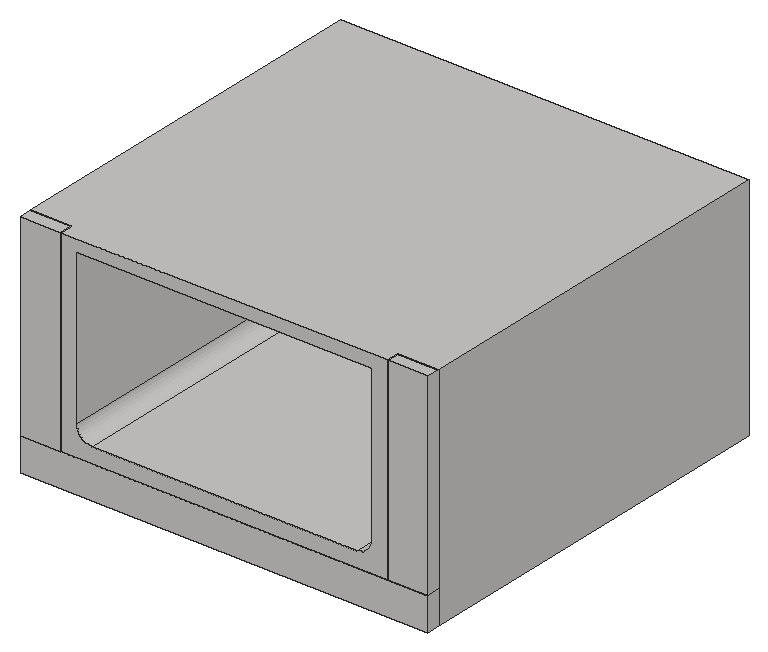
Revit family "QF_ELECTROLUXPROFESSIONAL_588579_MB1BCAHOOO", category Attrezzature speciali, Revit 2020
Family settings
  Quota connettore circolare = Usa diametro
  Tipo di parte = Normale
  Basato su piano di lavoro = No
  Sempre verticale = Sì
  Taglio con vuoti quando caricato = No
  Condiviso = No
  Punto di calcolo locali = No
Parameters (values of type "Standard")
  Weight = 21.00 kg
  Watts = 0 W
  Volts = 0 V
  URL Manufacturer = "https://www.electroluxprofessional.com/"
  URL = "https://www.electroluxprofessional.com/"
  Steam Supply Size = 0"
  Steam Supply Minimum Pressure = 0.00 psi
  Steam Supply Maximum Pressure = 0.00 psi
  Steam Consumption per Hour = 0
  Refrigeration Suction Line Size = 0 mm
  Refrigeration Liquid Line Size = 0 mm
  Refrigerant Compressor Remote = yes
  Prospetto di default = 0 mm
  Phase = 0
  Modello = "MB1BCAHOOO"
  Produttore = "Electrolux Professional"
  Length Actual = 800 mm  # constant formula
  Item Number = "588579"
  Hot Water Size = 0"
  Height Actual = 450 mm  # constant formula
  HP = "0 HP"
  Gas Size = 0"
  Gas KW = 0
  Gas Input Pressure = 0.0 Btu/h
  Direct Waste Size = 0"
  Descrizione = "OPEN BASE,GN,1-SIDE,H2-800X850X450H"
  Depth Actual = 850 mm  # constant formula
  Cycle = 0 Hz
  Condensate Return Size = 0"
  Compressed Air Volume = 0 GPM
  Compressed Air Size = 0"
  Compressed Air Pressure = 0.00 psi
  Cold Water Size = 0"
  Accessory = yes
Reference planes
  plane 1 "BACK": y = 0
  plane 2: z = 0
  plane 3 "LEFT": x = 0
  plane 4 "RIGHT": x = 800
  plane 5 "FRONT": y = -850
  plane 6 "PLAIN": z = 900
  plane 7 "Center (Left/Right)": x = 400
  plane 8 "Center (Front/Back)": y = -425
  plane 9 "TOP": z = 650
  plane 10 "BASE": z = 200
  plane 11: x = 722
  plane 12: x = 78
  plane 13 "Feet_back": y = -150
  plane 14 "Feet_Front": y = -720
  plane 15: x = 80
  plane 16: x = 720
  plane 17: z = 265
  plane 18: y = -45
  plane 19: y = -805
  plane 20: y = -70
  plane 21: y = -830
  plane 22 "ButtonZ": z = 590
Forms (mm)
  Extrusion 1, solid, material "QF_Finishes_Stainless Steel"
    sketch origin (0, 0, 650) x (0, 1, 0) y (0, 0, 1)
      loop
        line (-45, -450) -> (-45, 0) -> (-805, 0) -> (-805, -450) -> (-45, -450)
    from 0 to 800
  Extrusion 2, solid, material "QF_Finishes_Stainless Steel"
    sketch origin (0, 0, 650) x (0, 1, 0) y (0, 0, 1)
      loop
        line (-830, -450) -> (-805, -450) -> (-805, -385) -> (-830, -385) -> (-830, -450)
    from 0 to 800
  Extrusion 3, void
    sketch origin (0, -850, 0) x (1, 0, 0) y (0, 0, 1)
      loop
        line (80, 650) -> (80, 265) -> (720, 265) -> (720, 650) -> (80, 650)
    from 0 to -780
  Extrusion 4, solid, material "QF_Finishes_Stainless Steel"
    sketch origin (0, -850, 0) x (1, 0, 0) y (0, 0, 1)
      loop
        line (110, 650) -> (110, 627) -> (690, 627) -> (690, 650) -> (110, 650)
    from -20 to -805
  Extrusion 5, solid, material "QF_Finishes_Stainless Steel"
    sketch origin (0, -850, 0) x (1, 0, 0) y (0, 0, 1)
      loop
        line (80, 650) -> (80, 265) -> (720, 265) -> (720, 650) -> (690, 650) -> (690, 325)
        arc (690, 325) -> (681.213, 303.787) -> (660, 295) r 30
        line (660, 295) -> (140, 295)
        arc (140, 295) -> (118.787, 303.787) -> (110, 325) r 30
        line (110, 325) -> (110, 650) -> (80, 650)
    from -20 to -780
  Extrusion 6, solid, material "QF_Finishes_Stainless Steel"
    sketch origin (0, -850, 0) x (1, 0, 0) y (0, 0, 1)
      loop
        line (0, 650) -> (0, 265) -> (80, 265) -> (80, 650) -> (0, 650)
    from -20 to -45
  Extrusion 7, solid, material "QF_Finishes_Stainless Steel"
    sketch origin (0, -850, 0) x (1, 0, 0) y (0, 0, 1)
      loop
        line (720, 650) -> (720, 265) -> (800, 265) -> (800, 650) -> (720, 650)
    from -20 to -45
Cuts and joins
  Extrusion 3 cuts Extrusion 1
  joined: Extrusion 1, Extrusion 4, Extrusion 5
Lines and regions (mm)
  symbolic lines, style "SpecialityEquipmentHiddenLines"
    curve 1: line (0, 0, 0) -> (800, 0, 0)
    curve 2: line (0, -850, 0) -> (0, 0, 0)
    curve 3: line (800, -850, 0) -> (0, -850, 0)
    curve 4: line (800, 0, 0) -> (800, -850, 0)
Dimensions and locks
  plane 3 "LEFT" to plane 4 "RIGHT" = 800 mm
  plane 5 "FRONT" to plane 1 "BACK" = 850 mm
  equal spacing: plane 3 "LEFT", plane 7 "Center (Left/Right)", plane 4 "RIGHT"
  equal spacing: plane 5 "FRONT", plane 8 "Center (Front/Back)", plane 1 "BACK"
  plane 6 "PLAIN" to plane 9 "TOP" = 250 mm
  plane 10 "BASE" to level = 200 mm
  plane 9 "TOP" to plane 10 "BASE" = 450 mm
  locked: plane 1 "BACK" to plane 13 "Feet_back" at 150
  locked: plane 14 "Feet_Front" to plane 5 "FRONT" at 130
  locked: plane 12 to plane 3 "LEFT" at 78
  locked: plane 11 to plane 4 "RIGHT" at 78
  plane 16 to plane 15 = 640 mm
  equal spacing: plane 16, plane 7 "Center (Left/Right)", plane 15
  locked: plane 17 to plane 10 "BASE" at 65
  locked: plane 1 "BACK" to plane 18 at 45
  plane 9 "TOP" to Extrusion 4 sketch curve = 23 mm
  locked: Extrusion 4 sketch curve to plane 15 at 30
  locked: plane 16 to Extrusion 4 sketch curve at 30
  locked: Extrusion 5 sketch curve to plane 17 at 30
  plane 6 "PLAIN" to level = 900 mm
  Extrusion 5 to Extrusion 5 = 580 mm
  locked: plane 18 to plane 20 at 25
  locked: plane 21 to plane 5 "FRONT" at 20
  locked: plane 19 to plane 21 at 25
  plane 18 to plane 21 = 785 mm
  plane 22 "ButtonZ" to level = 590 mm
  aligned and locked: level to plane 2
  aligned and locked: Extrusion 1 to plane 4 "RIGHT"
  aligned and locked: Extrusion 1 to plane 3 "LEFT"
  aligned and locked: Extrusion 2 to plane 4 "RIGHT"
  aligned and locked: plane 9 "TOP" to Extrusion 3 sketch curve
  aligned and locked: Extrusion 3 sketch curve to plane 15
  aligned and locked: plane 16 to Extrusion 3 sketch curve
  aligned and locked: Extrusion 2 to plane 10 "BASE"
  aligned and locked: Extrusion 2 to plane 17
  aligned and locked: plane 17 to Extrusion 3 sketch curve
  aligned and locked: Extrusion 4 to plane 18
  aligned and locked: Extrusion 5 sketch curve to plane 15
  aligned and locked: plane 16 to Extrusion 5 sketch curve
  aligned and locked: plane 9 "TOP" to Extrusion 5 sketch curve  (x2)
  aligned and locked: plane 17 to Extrusion 5 sketch curve
  aligned and locked: Extrusion 5 sketch curve to Extrusion 4  (x2)
  aligned and locked: Extrusion 6 sketch curve to plane 9 "TOP"
  aligned and locked: plane 3 "LEFT" to Extrusion 6 sketch curve
  aligned and locked: Extrusion 6 sketch curve to plane 17
  aligned and locked: Extrusion 6 sketch curve to plane 15
  aligned and locked: Extrusion 7 sketch curve to plane 9 "TOP"
  aligned and locked: plane 16 to Extrusion 7 sketch curve
  aligned and locked: Extrusion 7 sketch curve to plane 17
  aligned and locked: plane 4 "RIGHT" to Extrusion 7 sketch curve
  aligned and locked: Extrusion 5 to plane 20
  aligned and locked: cut or joined group of Extrusion 1, Extrusion 3, Extrusion 4, Extrusion 5 to plane 20
  aligned and locked: cut or joined group of Extrusion 1, Extrusion 3, Extrusion 4, Extrusion 5 to plane 18
  aligned and locked: Extrusion 6 to plane 19
  aligned and locked: plane 21 to Extrusion 6
  aligned and locked: plane 21 to Extrusion 5
  aligned and locked: plane 21 to Extrusion 7
  aligned and locked: Extrusion 7 to plane 19
  aligned and locked: Extrusion 2 to plane 19
  aligned and locked: plane 21 to Extrusion 2
  aligned and locked: plane 21 to cut or joined group of Extrusion 1, Extrusion 3, Extrusion 4, Extrusion 5
Automatic sketch dimensions
  Extrusion 1 sketch curve to plane 10 "BASE" = 0 mm
  Extrusion 1 sketch curve to plane 9 "TOP" = 0 mm
  plane 1 "BACK" to Extrusion 1 sketch curve = 45 mm
  Extrusion 1 sketch curve to plane 5 "FRONT" = 45 mm
  Extrusion 2 sketch curve to plane 5 "FRONT" = 20 mm
  Extrusion 2 sketch curve to plane 9 "TOP" = 385 mm
  plane 10 "BASE" to Extrusion 2 sketch curve = 0 mm
  Extrusion 2 sketch curve to plane 5 "FRONT" = 45 mm
  Extrusion 4 sketch curve to plane 9 "TOP" = 0 mm
  Extrusion 5 sketch curve to Extrusion 5 sketch curve = 30 mm  (x2)
  curve 3 to plane 3 "LEFT" = 0 mm
  curve 3 to plane 4 "RIGHT" = 0 mm
  plane 5 "FRONT" to curve 3 = 0 mm
  plane 1 "BACK" to curve 2 = 0 mm
